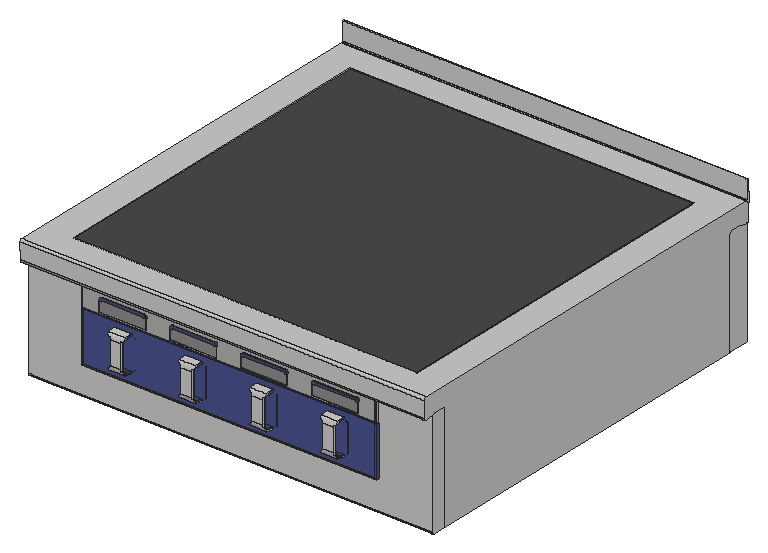
Revit family "QF_ELECTROLUXPROFESSIONAL_588023_MAIDABHOAO", category Specialty Equipment, Revit 2018
Family settings
  Round Connector Dimension = Use Diameter
  Part Type = Normal
  Work Plane-Based = No
  Always vertical = Yes
  Cut with Voids When Loaded = No
  Shared = No
  Room Calculation Point = No
Parameters
  Weight in Pounds = 97.0034
  Watts = 20000 VA  # 20000 W
  Volts = 400 V  # constant formula
  URL Cutsheet = ""
  Type Mark [instance] = ""
  Status [instance] = ""
  Specification by User [instance] = ""
  Specification by Manufacturer = ""
  Show Backsplash [instance] = yes
  Serial Number = ""
  Seismic Rating = ""
  SMACNA No = ""
  Revision Code [instance] = ""
  Phase = 3  # constant formula
  Omniclass Number and Title = ""
  Number of Poles [instance] = 1
  NAFEM Spec ID Number = ""
  Model = "588023"
  Min Ckt Ampacity = 0 A
  Max Overcurrent Protection = 0 A
  Masterspec = ""
  Manufacturer = "ELECTROLUX"
  Item Number [instance] = ""
  Installed By [instance] = ""
  Identify Quantity as Lot [instance] = yes
  HP = "26.8 HP"
  Furnished By [instance] = ""
  Foodservice Equipment Identifier [instance] = yes
  FL Amps [instance] = if(Phase = 3, Watts / (Volts * 1.73), Watts / Volts)  # 28.9017 A
  Electrical Remarks = "400 V/3N ph/50/60 Hz"  # constant formula
  Electric Connection Type [instance] = ""
  Elec Conn RI Height [instance] = 0 mm
  Elec Conn Connection Height [instance] = 0 mm
  Direct Waste Size = 0"
  Description = "INDUCTION TOP,4 ZONES,1S,BS,800X800X250"
  Cycle [instance] = if([60 Hertz Option], 60 Hz, 50 Hz)  # 60 Hz
  Conn Plug = ""
  Conn Conduit = yes
  CSI MasterFormat = ""
  CSI Master Format = ""
  Back Panel [instance] = not(Show Backsplash)  # no
  Apparent Power [instance] = if(Phase = 3, Volts * FL Amps * 1.73, Volts * FL Amps)  # 20000 VA
  60 Hertz Option [instance] = not([50 Hertz Option])  # yes
  50 Hertz Option [instance] = no
Reference planes
  plane 1 "BACK": y = 0
  plane 2: z = 0
  plane 3 "LEFT": x = 0
  plane 4 "RIGHT": x = 800
  plane 5 "FRONT": y = -800
  plane 6 "TOP": z = 250
  plane 7: x = 400
  plane 8: y = -400
Forms (mm)
  Extrusion 1, solid, material "QF_Finishes_Stainless Steel"
    sketch origin (0, -487.128, 0) x (0, 1, 0) y (0, 0, 1)
      loop
        line (483.128, 250) -> (-308.872, 250)
        arc (-308.872, 250) -> (-311.7, 248.828) -> (-312.872, 246) r 4
        line (-312.872, 246) -> (-312.872, 214)
        arc (-312.872, 214) -> (-311.443, 210.936) -> (-308.177, 210.061) r 4
        line (-308.177, 210.061) -> (-291.509, 213) -> (-266.872, 213) -> (-266.872, 0) -> (441.128, 0) -> (441.128, 213) -> (465.765, 213) -> (482.433, 210.061)
        arc (482.433, 210.061) -> (485.699, 210.936) -> (487.128, 214) r 4
        line (487.128, 214) -> (487.128, 246)
        arc (487.128, 246) -> (485.956, 248.828) -> (483.128, 250) r 4
    from 0 to 800
  Extrusion 2, solid, material "QF_Finishes_Stainless Steel", visible <- "Back Panel"
    sketch origin (0, 0, 0) x (0, 1, 0) y (0, 0, 1)
      loop
        line (-46, 0) -> (-23, 0)
        arc (-23, 0) -> (-20.879, -0.879) -> (-20, -3) r 3
        line (-20, -3) -> (-20, 215)
        arc (-20, 215) -> (-20.586, 213.586) -> (-22, 213) r 2
        line (-22, 213) -> (-46, 213) -> (-46, 0)
    from 0 to 800
  Extrusion 3, void
    sketch origin (653.786, 44.048, 250) x (1, 0, 0) y (0, -1, 0)
      loop
        line (-593.786, 104.048) -> (86.214, 104.048) -> (86.214, 787.779) -> (-593.786, 787.779) -> (-593.786, 104.048)
    from 0 to 37
  Extrusion 4, solid, material "QF_Finishes_Stainless Steel"
    sketch origin (0, -754, 0) x (1, 0, 0) y (0, -1, 0)
      loop
        circle (755, -69) r 6.35
    from 0 to 3.2
  Extrusion 5, solid, material "QF_Finishes_Black"
    sketch origin (653.786, 44.048, 213) x (1, 0, 0) y (0, 1, 0)
      loop
        line (-593.786, -787.779) -> (86.214, -787.779) -> (86.214, -104.048) -> (-593.786, -104.048) -> (-593.786, -787.779)
    from 0 to 37
  Extrusion 6, solid, material "QF_Finishes_Stainless Steel", visible <- "Show Backsplash"
    sketch origin (0, 0, 0) x (0, 1, 0) y (0, 0, 1)
      loop
        line (-2.951, 2) -> (-2.951, 210.133)
        arc (-2.951, 210.133) -> (-3.795, 210.009) -> (-4.646, 210.066) r 4
        line (-4.646, 210.066) -> (-21.287, 213) -> (-45, 213) -> (-45, 0) -> (-4.951, 0)
        arc (-4.951, 0) -> (-3.537, 0.586) -> (-2.951, 2) r 2
      loop
        arc (-1.951, 252.006) -> (-2.537, 250.592) -> (-3.951, 250.006) r 2
        arc (-3.951, 250.006) -> (-1.172, 248.828) -> (0, 246) r 4
        line (0, 246) -> (0, 288.006) -> (-1.951, 288.006) -> (-1.951, 252.006)
    from 800 to 0
Cuts and joins
  Extrusion 3 cuts Extrusion 1
Lines and regions (mm)
  symbolic lines
    curve 1: line (0, 0, 0) -> (800, 0, 0)
    curve 2: line (0, -800, 0) -> (0, 0, 0)
    curve 3: line (800, -800, 0) -> (0, -800, 0)
    curve 4: line (800, 0, 0) -> (800, -800, 0)
    curve 5: line (740, -743.73, 0) -> (740, -60, 0)
    curve 6: line (740, -60, 0) -> (60, -60, 0)
    curve 7: line (60, -60, 0) -> (60, -743.73, 0)
    curve 8: line (60, -743.73, 0) -> (740, -743.73, 0)
    curve 10: line (173.641, -802.326, 0) -> (173.641, -800, 0)
    curve 11: spline (179.31, -803.73, 0) -> (178.831, -803.657, 0) -> (178.353, -803.575, 0) -> (177.876, -803.486, 0) -> (177.4, -803.389, 0) -> (176.925, -803.283, 0) -> (176.452, -803.17, 0) -> (175.98, -803.049, 0) -> (175.509, -802.92, 0) -> (175.039, -802.783, 0) -> (174.572, -802.638, 0) -> (174.105, -802.486, 0) -> (173.641, -802.326, 0)
    curve 12: line (205.857, -802.326, 0) -> (205.857, -800, 0)
    curve 13: spline (205.857, -802.326, 0) -> (205.392, -802.486, 0) -> (204.926, -802.638, 0) -> (204.458, -802.783, 0) -> (203.989, -802.92, 0) -> (203.518, -803.049, 0) -> (203.046, -803.17, 0) -> (202.572, -803.283, 0) -> (202.098, -803.389, 0) -> (201.622, -803.486, 0) -> (201.145, -803.575, 0) -> (200.667, -803.657, 0) -> (200.188, -803.73, 0)
    curve 14: line (179.31, -803.73, 0) -> (200.188, -803.73, 0)
    curve 15: line (313.892, -802.326, 0) -> (313.892, -800, 0)
    curve 16: spline (319.561, -803.73, 0) -> (319.082, -803.657, 0) -> (318.604, -803.575, 0) -> (318.127, -803.486, 0) -> (317.651, -803.389, 0) -> (317.177, -803.283, 0) -> (316.703, -803.17, 0) -> (316.231, -803.049, 0) -> (315.76, -802.92, 0) -> (315.29, -802.783, 0) -> (314.823, -802.638, 0) -> (314.357, -802.486, 0) -> (313.892, -802.326, 0)
    curve 17: line (346.108, -802.326, 0) -> (346.108, -800, 0)
    curve 18: spline (346.108, -802.326, 0) -> (345.643, -802.486, 0) -> (345.177, -802.638, 0) -> (344.71, -802.783, 0) -> (344.24, -802.92, 0) -> (343.769, -803.049, 0) -> (343.297, -803.17, 0) -> (342.823, -803.283, 0) -> (342.349, -803.389, 0) -> (341.873, -803.486, 0) -> (341.396, -803.575, 0) -> (340.918, -803.657, 0) -> (340.439, -803.73, 0)
    curve 19: line (319.561, -803.73, 0) -> (340.439, -803.73, 0)
    curve 20: line (626.359, -802.326, 0) -> (626.359, -800, 0)
    curve 21: spline (620.69, -803.73, 0) -> (621.169, -803.657, 0) -> (621.647, -803.575, 0) -> (622.124, -803.486, 0) -> (622.6, -803.389, 0) -> (623.075, -803.283, 0) -> (623.548, -803.17, 0) -> (624.02, -803.049, 0) -> (624.491, -802.92, 0) -> (624.961, -802.783, 0) -> (625.428, -802.638, 0) -> (625.895, -802.486, 0) -> (626.359, -802.326, 0)
    curve 22: line (594.143, -802.326, 0) -> (594.143, -800, 0)
    curve 23: spline (594.143, -802.326, 0) -> (594.608, -802.486, 0) -> (595.074, -802.638, 0) -> (595.542, -802.783, 0) -> (596.011, -802.92, 0) -> (596.482, -803.049, 0) -> (596.954, -803.17, 0) -> (597.428, -803.283, 0) -> (597.902, -803.389, 0) -> (598.378, -803.486, 0) -> (598.855, -803.575, 0) -> (599.333, -803.657, 0) -> (599.812, -803.73, 0)
    curve 24: line (620.69, -803.73, 0) -> (599.812, -803.73, 0)
    curve 25: line (486.108, -802.326, 0) -> (486.108, -800, 0)
    curve 26: spline (480.439, -803.73, 0) -> (480.918, -803.657, 0) -> (481.396, -803.575, 0) -> (481.873, -803.486, 0) -> (482.349, -803.389, 0) -> (482.823, -803.283, 0) -> (483.297, -803.17, 0) -> (483.769, -803.049, 0) -> (484.24, -802.92, 0) -> (484.71, -802.783, 0) -> (485.177, -802.638, 0) -> (485.643, -802.486, 0) -> (486.108, -802.326, 0)
    curve 27: line (453.892, -802.326, 0) -> (453.892, -800, 0)
    curve 28: spline (453.892, -802.326, 0) -> (454.357, -802.486, 0) -> (454.823, -802.638, 0) -> (455.29, -802.783, 0) -> (455.76, -802.92, 0) -> (456.231, -803.049, 0) -> (456.703, -803.17, 0) -> (457.177, -803.283, 0) -> (457.651, -803.389, 0) -> (458.127, -803.486, 0) -> (458.604, -803.575, 0) -> (459.082, -803.657, 0) -> (459.561, -803.73, 0)
    curve 29: line (480.439, -803.73, 0) -> (459.561, -803.73, 0)
  symbolic lines, visible <- "Show Backsplash"
    curve 9: line (0, -1.951, 0) -> (800, -1.951, 0)
Dimensions and locks
  plane 3 "LEFT" to plane 4 "RIGHT" = 800 mm
  plane 5 "FRONT" to plane 1 "BACK" = 800 mm
  equal spacing: plane 3 "LEFT", plane 7, plane 4 "RIGHT"
  equal spacing: plane 5 "FRONT", plane 8, plane 1 "BACK"
  plane 6 "TOP" to level = 250 mm  (x2)
  plane 1 "BACK" to plane 5 "FRONT" = 800 mm
  Extrusion 4 sketch curve to plane 1 "BACK" = 685 mm
  Extrusion 4 sketch curve to plane 4 "RIGHT" = 45 mm
  aligned and locked: level to plane 2
  aligned and locked: cut or joined group of Extrusion 1, Extrusion 3 to plane 4 "RIGHT"
  aligned and locked: Extrusion 2 to plane 4 "RIGHT"
  aligned and locked: Extrusion 6 to plane 4 "RIGHT"
  aligned and locked: plane 7 to nested 1
Automatic sketch dimensions
  plane 1 "BACK" to Extrusion 2 sketch curve = 46 mm
  Extrusion 2 sketch curve to Extrusion 2 sketch curve = 23 mm
  plane 1 "BACK" to Extrusion 2 sketch curve = 22 mm
  Extrusion 2 sketch curve to Extrusion 2 sketch curve = 2 mm
  Extrusion 2 sketch curve to plane 6 "TOP" = 253 mm
  level to Extrusion 2 sketch curve = 213 mm
  Extrusion 1 sketch curve to plane 5 "FRONT" = 0 mm
  Extrusion 1 sketch curve to plane 6 "TOP" = 0 mm
  Extrusion 1 sketch curve to level = 0 mm
  Extrusion 1 sketch curve to plane 1 "BACK" = 0 mm
  Extrusion 1 sketch curve to plane 6 "TOP" = 37 mm  (x2)
  Extrusion 1 sketch curve to plane 5 "FRONT" = 4 mm
  Extrusion 1 sketch curve to plane 5 "FRONT" = 21.363 mm
  Extrusion 1 sketch curve to plane 5 "FRONT" = 46 mm
  plane 1 "BACK" to Extrusion 1 sketch curve = 21.363 mm
  plane 1 "BACK" to Extrusion 1 sketch curve = 4 mm  (x2)
  Extrusion 1 sketch curve to Extrusion 1 sketch curve = 4 mm
  Extrusion 1 sketch curve to Extrusion 1 sketch curve = 0.695 mm
  Extrusion 1 sketch curve to Extrusion 1 sketch curve = 0 mm  (x4)
  plane 1 "BACK" to Extrusion 1 sketch curve = 4.695 mm
  Extrusion 1 sketch curve to Extrusion 1 sketch curve = 1 mm  (x2)
  plane 1 "BACK" to Extrusion 1 sketch curve = 46 mm
  Extrusion 6 sketch curve to level = 0 mm
  Extrusion 6 sketch curve to plane 1 "BACK" = 0 mm  (x2)
  level to Extrusion 6 sketch curve = 2 mm
  Extrusion 6 sketch curve to plane 6 "TOP" = 0 mm
  plane 1 "BACK" to Extrusion 6 sketch curve = 1.951 mm
  plane 1 "BACK" to Extrusion 6 sketch curve = 2.951 mm
  Extrusion 6 sketch curve to Extrusion 6 sketch curve = 18.335 mm
  Extrusion 6 sketch curve to Extrusion 6 sketch curve = 40.049 mm
  Extrusion 6 sketch curve to Extrusion 6 sketch curve = 1.695 mm
  Extrusion 6 sketch curve to Extrusion 6 sketch curve = 0 mm  (x3)
  plane 1 "BACK" to Extrusion 6 sketch curve = 4 mm
  plane 1 "BACK" to Extrusion 6 sketch curve = 3.951 mm
  Extrusion 6 sketch curve to Extrusion 6 sketch curve = 2 mm
  Extrusion 6 sketch curve to Extrusion 6 sketch curve = 35.867 mm
  Extrusion 6 sketch curve to plane 6 "TOP" = 37 mm
  plane 6 "TOP" to Extrusion 6 sketch curve = 2.006 mm
  Extrusion 6 sketch curve to Extrusion 6 sketch curve = 36 mm
  Extrusion 6 sketch curve to Extrusion 6 sketch curve = 0.066 mm
  plane 1 "BACK" to curve 1 = 0 mm
  curve 1 to plane 4 "RIGHT" = 0 mm
  curve 2 to plane 3 "LEFT" = 0 mm
  plane 5 "FRONT" to curve 3 = 0 mm
  plane 4 "RIGHT" to curve 5 = 60 mm
  plane 5 "FRONT" to curve 20 = 2.326 mm
  curve 5 to curve 20 = 113.641 mm
  plane 5 "FRONT" to curve 24 = 3.73 mm
  curve 21 to curve 24 = 5.669 mm
  curve 21 to curve 24 = 20.878 mm
  plane 5 "FRONT" to curve 22 = 2.326 mm
  curve 24 to curve 22 = 5.669 mm
  plane 5 "FRONT" to curve 25 = 2.326 mm
  plane 7 to curve 25 = 86.108 mm
  plane 5 "FRONT" to curve 29 = 3.73 mm
  curve 26 to curve 29 = 5.669 mm
  curve 26 to curve 29 = 20.878 mm
  plane 5 "FRONT" to curve 27 = 2.326 mm
  curve 28 to curve 27 = 5.669 mm
  plane 5 "FRONT" to curve 17 = 2.326 mm
  curve 17 to plane 7 = 53.892 mm
  plane 5 "FRONT" to curve 19 = 3.73 mm
  curve 17 to curve 19 = 5.669 mm
  curve 19 to curve 19 = 20.878 mm
  plane 5 "FRONT" to curve 15 = 2.326 mm
  curve 16 to curve 15 = 5.669 mm
  plane 5 "FRONT" to curve 12 = 2.326 mm
  curve 15 to curve 12 = 108.035 mm
  plane 5 "FRONT" to curve 14 = 3.73 mm
  curve 12 to curve 14 = 5.669 mm
  curve 13 to curve 14 = 20.878 mm
  plane 5 "FRONT" to curve 10 = 2.326 mm
  curve 11 to curve 10 = 5.669 mm
  plane 3 "LEFT" to curve 7 = 60 mm
  curve 20 to curve 21 = 9.839 mm
  curve 21 to curve 23 = 12.538 mm
  plane 5 "FRONT" to curve 26 = 4.032 mm
  curve 26 to curve 26 = 4.17 mm
  curve 26 to curve 28 = 12.538 mm
  plane 5 "FRONT" to curve 18 = 4.032 mm
  curve 19 to curve 18 = 4.17 mm
  plane 5 "FRONT" to curve 16 = 4.032 mm
  curve 16 to curve 16 = 4.17 mm
  curve 12 to curve 13 = 9.839 mm
  plane 5 "FRONT" to curve 11 = 4.032 mm
  curve 11 to curve 11 = 4.17 mm
  plane 1 "BACK" to curve 6 = 60 mm
  curve 5 to plane 5 "FRONT" = 56.27 mm
  curve 1 to curve 9 = 1.951 mm
  curve 28 to curve 26 = 0.002 mm
  curve 23 to plane 5 "FRONT" = 39.1 mm
  curve 11 to curve 13 = 0 mm
  curve 23 to curve 21 = 0 mm
  Extrusion 1 to Extrusion 3 sketch curve = 60 mm  (x2)
  Extrusion 1 to Extrusion 3 sketch curve = 52.27 mm
  Extrusion 1 to Extrusion 3 sketch curve = 56 mm
  Extrusion 5 sketch curve to Extrusion 3 = 0 mm  (x3)
  Extrusion 3 to Extrusion 5 sketch curve = 0 mm
  radius of Extrusion 4 sketch curve = 6.35 mm
Nested families
  nested 1: "IDT_800_1000 Front Panel Four Controls" at (-200, -754, -650), type "IDT_800_1000 Front Panel Four Controls"
Connectors
  electrical at (755, -685, -3.2), driven by "Volts", driven by "Watts"
    settings: on Extrusion 4, index 1, voltage 400 V, apparent load 20000 VA, apparent load phase1 0 VA, apparent load phase2 0 VA, apparent load phase3 0 VA, power factor 1, load classification "Other", number of poles 1, system type 30, power factor state 1, is connector primary yes, connector utility no, sub classification motor no, connector description "ELECTRICAL CONNECTION"
Definition of nested family "IDT_800_1000 Front Panel Four Controls"
  Parameters
    Keynote = ""
  Reference planes
    plane 1 "Center (Front/Back)": y = 0
    plane 2: z = 0
    plane 3 "Center (Left/Right)": x = 100
    plane 4: x = 600
    plane 5: x = 389.749
    plane 6: x = 530
    plane 7: x = 670.079
    plane 8: x = 809.948
  Forms (mm)
    Extrusion 1, void
      sketch origin (1213.217, 829.203, -1.25) x (1, 0, 0) y (0, 0, 1)
        loop
          line (-321.217, 853.25) -> (-905.217, 853.25) -> (-905.217, 711.25) -> (-321.217, 711.25) -> (-321.217, 853.25)
      from 843.409 to 854.203
    Extrusion 2, solid
      sketch origin (1133.217, 829.203, -1.25) x (0, 1, 0) y (0, 0, 1)
        loop
          arc (-854.203, 654.25) -> (-853.324, 652.129) -> (-851.203, 651.25) r 3
          line (-851.203, 651.25) -> (-829.203, 651.25) -> (-829.203, 864.25) -> (-854.203, 864.25) -> (-854.203, 654.25)
      from -933.217 to -133.217
  Nested families
    nested 1: "1200 Glass Panel with Four Reads" at (308, -30, 5.811), type "1200 Glass Panel with Four Reads"
    nested 2: "Sml  Range Control Handle" at (389.749, -26.645, -204.867), type "Sml  Range Control Handle"
    nested 3: "Sml  Range Control Handle" at (529.638, -26.645, -204.867), type "Sml  Range Control Handle"
    nested 4: "Sml  Range Control Handle" at (670.079, -26.645, -204.867), type "Sml  Range Control Handle"
    nested 5: "Sml  Range Control Handle" at (810.079, -26.645, -204.867), type "Sml  Range Control Handle"
  Definition of nested family "1200 Glass Panel with Four Reads"
    Reference planes
      plane 1 "Center (Front/Back)": y = 0
      plane 2: z = 0
      plane 3 "Center (Left/Right)": x = 0
      plane 4: x = 584
      plane 5: x = 581.091
      plane 6 "Top": z = 846.189
      plane 7 "Center": x = 292
    Forms (mm)
      Extrusion 1, solid
        sketch origin (550.286, 304.8, -4.308) x (1, 0, 0) y (0, 0, 1)
          loop
            line (-550.286, 806.791) -> (-550.286, 708.497) -> (33.714, 708.497) -> (33.714, 806.791) -> (-550.286, 806.791)
        from 300.031 to 304.8
      Extrusion 2, solid
        sketch origin (550.286, 304.8, -4.308) x (1, 0, 0) y (0, 0, 1)
          loop
            line (-550.286, 850.497) -> (-550.286, 806.791) -> (33.714, 806.791) -> (33.714, 850.497) -> (-550.286, 850.497)
        from 300.031 to 304.8
      Extrusion 3, void
        sketch origin (550.286, 304.8, -4.308) x (1, 0, 0) y (0, 0, 1)
          loop
            line (-547.628, 847.565) -> (-547.628, 710.699) -> (30.804, 710.699) -> (30.804, 847.565) -> (-547.628, 847.565)
        from 303.697 to 304.8
      Extrusion 4, solid, not visible
        sketch origin (550.286, 305.901, -4.308) x (1, 0, 0) y (0, 0, 1)
          loop
            line (-153.041, 812.62) -> (-153.041, 834.177) -> (-157.775, 834.177) -> (-159.574, 835.977) -> (-238.324, 835.977) -> (-240.124, 834.177) -> (-245.041, 834.177) -> (-245.041, 812.62) -> (-153.041, 812.62)
        from 304.798 to 306.745
      Extrusion 5, solid, not visible
        sketch origin (550.286, 305.901, -4.308) x (1, 0, 0) y (0, 0, 1)
          loop
            line (-240.027, 834.177) -> (-238.227, 835.977) -> (-159.594, 835.977) -> (-157.794, 834.177) -> (-153.083, 834.177)
            arc (-153.083, 834.177) -> (-154.26, 838.752) -> (-158.535, 840.763) r 5.549
            line (-158.535, 840.763) -> (-239.444, 840.763)
            arc (-239.444, 840.763) -> (-243.699, 838.747) -> (-244.835, 834.177) r 5.5
            line (-244.835, 834.177) -> (-240.027, 834.177)
        from 304.798 to 306.745
      Extrusion 6, solid
        sketch origin (700.989, 305.901, -4.308) x (1, 0, 0) y (0, 0, 1)
          loop
            line (-153.041, 812.62) -> (-153.041, 834.177) -> (-157.775, 834.177) -> (-159.574, 835.977) -> (-238.324, 835.977) -> (-240.124, 834.177) -> (-245.041, 834.177) -> (-245.041, 812.62) -> (-153.041, 812.62)
        from 304.798 to 306.745
      Extrusion 7, solid
        sketch origin (700.989, 305.901, -4.308) x (1, 0, 0) y (0, 0, 1)
          loop
            line (-240.027, 834.177) -> (-238.227, 835.977) -> (-159.594, 835.977) -> (-157.794, 834.177) -> (-153.083, 834.177)
            arc (-153.083, 834.177) -> (-154.26, 838.752) -> (-158.535, 840.763) r 5.549
            line (-158.535, 840.763) -> (-239.444, 840.763)
            arc (-239.444, 840.763) -> (-243.699, 838.747) -> (-244.835, 834.177) r 5.5
            line (-244.835, 834.177) -> (-240.027, 834.177)
        from 304.798 to 306.745
      Extrusion 8, solid
        sketch origin (560.989, 305.901, -4.308) x (1, 0, 0) y (0, 0, 1)
          loop
            line (-153.041, 812.62) -> (-153.041, 834.177) -> (-157.775, 834.177) -> (-159.574, 835.977) -> (-238.324, 835.977) -> (-240.124, 834.177) -> (-245.041, 834.177) -> (-245.041, 812.62) -> (-153.041, 812.62)
        from 304.798 to 306.745
      Extrusion 9, solid
        sketch origin (560.989, 305.901, -4.308) x (1, 0, 0) y (0, 0, 1)
          loop
            line (-240.027, 834.177) -> (-238.227, 835.977) -> (-159.594, 835.977) -> (-157.794, 834.177) -> (-153.083, 834.177)
            arc (-153.083, 834.177) -> (-154.26, 838.752) -> (-158.535, 840.763) r 5.549
            line (-158.535, 840.763) -> (-239.444, 840.763)
            arc (-239.444, 840.763) -> (-243.699, 838.747) -> (-244.835, 834.177) r 5.5
            line (-244.835, 834.177) -> (-240.027, 834.177)
        from 304.798 to 306.745
      Extrusion 10, solid
        sketch origin (700.989, 305.901, -4.308) x (1, 0, 0) y (0, 0, 1)
          loop
            line (-665.188, 812.62) -> (-573.188, 812.62) -> (-573.188, 834.177) -> (-578.105, 834.177) -> (-579.905, 835.977) -> (-658.655, 835.977) -> (-660.455, 834.177) -> (-665.188, 834.177) -> (-665.188, 812.62)
        from 304.798 to 306.745
      Extrusion 11, solid
        sketch origin (700.989, 305.901, -4.308) x (1, 0, 0) y (0, 0, 1)
          loop
            line (-578.203, 834.177) -> (-573.394, 834.177)
            arc (-573.394, 834.177) -> (-574.53, 838.747) -> (-578.786, 840.763) r 5.5
            line (-578.786, 840.763) -> (-659.695, 840.763)
            arc (-659.695, 840.763) -> (-663.97, 838.752) -> (-665.146, 834.177) r 5.549
            line (-665.146, 834.177) -> (-660.435, 834.177) -> (-658.636, 835.977) -> (-580.003, 835.977) -> (-578.203, 834.177)
        from 304.798 to 306.745
      Extrusion 12, solid
        sketch origin (560.989, 305.901, -4.308) x (1, 0, 0) y (0, 0, 1)
          loop
            line (-385.188, 812.62) -> (-293.188, 812.62) -> (-293.188, 834.177) -> (-298.105, 834.177) -> (-299.905, 835.977) -> (-378.655, 835.977) -> (-380.455, 834.177) -> (-385.188, 834.177) -> (-385.188, 812.62)
        from 304.798 to 306.745
      Extrusion 13, solid
        sketch origin (560.989, 305.901, -4.308) x (1, 0, 0) y (0, 0, 1)
          loop
            line (-298.203, 834.177) -> (-293.394, 834.177)
            arc (-293.394, 834.177) -> (-294.53, 838.747) -> (-298.786, 840.763) r 5.5
            line (-298.786, 840.763) -> (-379.695, 840.763)
            arc (-379.695, 840.763) -> (-383.97, 838.752) -> (-385.146, 834.177) r 5.549
            line (-385.146, 834.177) -> (-380.435, 834.177) -> (-378.636, 835.977) -> (-300.003, 835.977) -> (-298.203, 834.177)
        from 304.798 to 306.745
    Cuts and joins
      Extrusion 3 cuts Extrusion 1
      Extrusion 3 cuts Extrusion 2
    Lines and regions (mm)
      symbolic lines
        curve 1: line (0, 4.769, 0) -> (584, 4.769, 0)
    Dimensions and locks
      aligned and locked: Extrusion 1 to Extrusion 2
      aligned and locked: Extrusion 6 to Extrusion 7
      aligned and locked: Extrusion 8 to Extrusion 9
      aligned and locked: Extrusion 10 to Extrusion 11
      aligned and locked: Extrusion 12 to Extrusion 13
  Definition of nested family "Sml  Range Control Handle"
    Reference planes
      plane 1 "Center (Front/Back)": y = 0
      plane 2: z = 0
      plane 3 "Center (Left/Right)": x = 0
      plane 4: z = 971.092
    Forms (mm)
      Extrusion 1, solid
        sketch origin (-746.28, 380.497, 208.931) x (-1, 0, 0) y (0, 0, 1)
          loop
            line (-770.101, 786.798) -> (-770.101, 731.649)
            arc (-770.101, 731.649) -> (-769.759, 730.563) -> (-768.855, 729.87) r 1.893
            line (-768.855, 729.87) -> (-763.474, 727.911) -> (-729.81, 727.911) -> (-724.428, 729.87)
            arc (-724.428, 729.87) -> (-723.525, 730.563) -> (-723.183, 731.649) r 1.893
            line (-723.183, 731.649) -> (-723.183, 786.798)
            arc (-723.183, 786.798) -> (-723.529, 787.894) -> (-724.44, 788.593) r 1.91
            line (-724.44, 788.593) -> (-729.683, 790.819) -> (-763.601, 790.819) -> (-768.844, 788.593)
            arc (-768.844, 788.593) -> (-769.755, 787.894) -> (-770.101, 786.798) r 1.91
        from -382.35 to -378.852
      Sweep 2, solid
        path origin (-746.788, 380.496, 208.091) x (0, -1, 0) y (0, 0, 1)
          loop
            line (379.775, 793.281) -> (395.661, 791.048)
            arc (395.661, 791.048) -> (397.781, 787.377) -> (398.517, 783.202) r 12.207
            line (398.517, 783.202) -> (398.517, 737.368)
            arc (398.517, 737.368) -> (397.781, 733.193) -> (395.661, 729.522) r 12.207
            line (395.661, 729.522) -> (379.775, 727.289)
        profile origin (-746.788, -7.222, 1000.256) x (0, -0.139173, 0.990268) y (-1, 0, 0)
          loop
            line (0.782, -763.123) -> (0.782, -730.907) -> (-1.322, -730.907) -> (-1.322, -763.123) -> (0.782, -763.123)
      Sweep 3, solid
        path origin (-746.788, 380.715, 207.832) x (0, -1, 0) y (0, 0, 1)
          loop
            line (380.478, 795.442) -> (397.218, 793.09)
            arc (397.218, 793.09) -> (399.929, 788.473) -> (400.871, 783.202) r 15.207
            line (400.871, 783.202) -> (400.871, 737.584)
            arc (400.871, 737.584) -> (399.914, 732.274) -> (397.164, 727.633) r 15.207
            line (397.164, 727.633) -> (380.601, 725.305)
        profile origin (-746.788, -8.132, 1002.099) x (0, -0.139173, 0.990268) y (-1, 0, 0)
          loop
            line (0.782, -763.123) -> (0.782, -730.907) -> (-1.322, -730.907) -> (-1.322, -763.123) -> (0.782, -763.123)
      Extrusion 4, void
        sketch origin (889.253, 220.666, 207.993) x (1, 0, 0) y (0, 0, 1)
          loop
            line (-943.038, 816.854) -> (-943.038, 703.686) -> (-899.466, 734.196) -> (-899.466, 786.344) -> (-943.038, 816.854)
        from 230.636 to 242.25
      Extrusion 5, void
        sketch origin (-888.8, 220.666, 207.993) x (-1, 0, 0) y (0, 0, -1)
          loop
            line (-943.038, -816.854) -> (-899.466, -786.344) -> (-899.466, -734.196) -> (-943.038, -703.686) -> (-943.038, -816.854)
        from 230.636 to 242.25
      Extrusion 6, solid
        sketch origin (0, 0, 0) x (1, 0, 0) y (0, 0, 1)
          loop
            circle (0, 971.092) r 7.736
        from -3.137 to -1.645
    Cuts and joins
      Extrusion 4, Extrusion 5 cuts Sweep 3
      Extrusion 4, Extrusion 5 cuts Sweep 2
      joined: Extrusion 1, Extrusion 6
    Lines and regions (mm)
      symbolic lines
        curve 1: line (23.821, 1.645, 0) -> (-23.097, 1.645, 0)
        curve 2: line (16.334, -1.853, 0) -> (23.821, -1.853, 0)
        curve 3: line (-15.881, -19.189, 0) -> (-15.881, -1.853, 0)
        curve 4: line (-23.097, -1.853, 0) -> (-15.881, -1.853, 0)
        curve 5: line (16.334, -19.189, 0) -> (16.334, -1.853, 0)
        curve 6: spline (-15.881, -19.189, 0) -> (-15.417, -19.349, 0) -> (-14.951, -19.501, 0) -> (-14.483, -19.646, 0) -> (-14.014, -19.783, 0) -> (-13.543, -19.912, 0) -> (-13.071, -20.033, 0) -> (-12.597, -20.146, 0) -> (-12.122, -20.251, 0) -> (-11.646, -20.349, 0) -> (-11.169, -20.438, 0) -> (-10.691, -20.52, 0) -> (-10.213, -20.593, 0)
        curve 7: spline (10.666, -20.593, 0) -> (11.144, -20.52, 0) -> (11.622, -20.438, 0) -> (12.099, -20.349, 0) -> (12.575, -20.251, 0) -> (13.05, -20.146, 0) -> (13.524, -20.033, 0) -> (13.996, -19.912, 0) -> (14.467, -19.783, 0) -> (14.936, -19.646, 0) -> (15.404, -19.501, 0) -> (15.87, -19.349, 0) -> (16.334, -19.189, 0)
        curve 8: line (-10.213, -20.938, 0) -> (10.716, -20.938, 0)
        curve 9: line (-23.097, 1.645, 0) -> (-23.097, -1.853, 0)
        curve 10: line (23.821, 1.645, 0) -> (23.821, -1.853, 0)
    Dimensions and locks
      cut or joined group of Sweep 3, Extrusion 4, Extrusion 5 to cut or joined group of Sweep 3, Extrusion 4, Extrusion 5 = 71.686 mm
